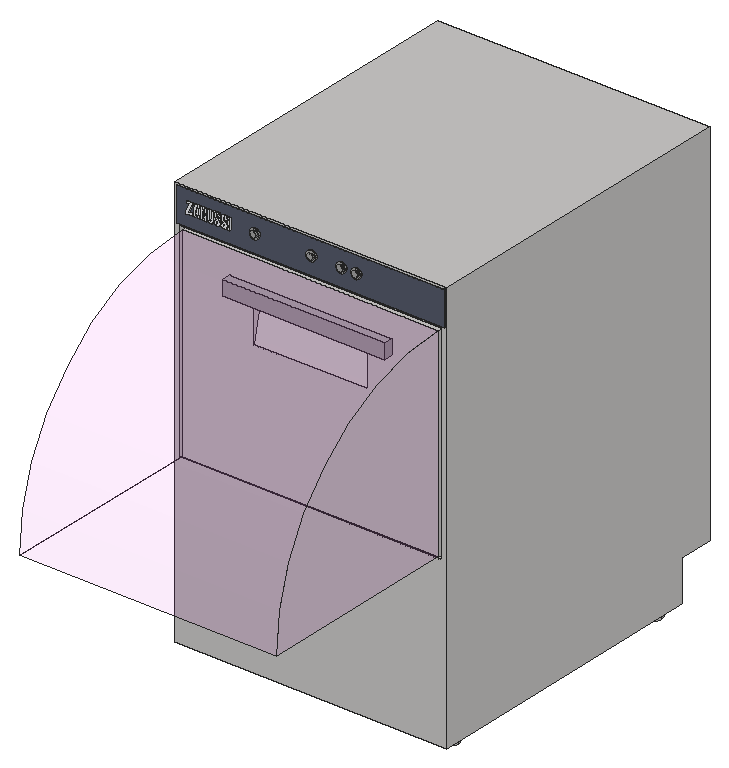
Revit family "QF_ZANUSSI_402296_ZSGU", category Attrezzature speciali, Revit 2020
Family settings
  Quota connettore circolare = Usa diametro
  Tipo di parte = Normale
  Basato su piano di lavoro = No
  Sempre verticale = Sì
  Taglio con vuoti quando caricato = No
  Condiviso = Sì
  Punto di calcolo locali = No
Parameters (values of type "Standard")
  Weight = 83.7757 lbm
  Watts = 2700 W
  Volts = 220 V
  URL Manufacturer = "http://www.zanussiprofessional.com"
  URL = "http://www.zanussiprofessional.com"
  Steam Supply Size = 0"
  Steam Supply Minimum Pressure = 0.00 psi
  Steam Supply Maximum Pressure = 0.00 psi
  Steam Consumption per Hour = 0
  Show Logo [instance] = yes
  Show Clearance [instance] = yes
  Refrigeration Suction Line Size = 0 mm
  Refrigeration Liquid Line Size = 0 mm
  Refrigerant Compressor Remote = yes
  Prospetto di default = 0 mm
  Produttore = "Zanussi"
  Phase = 1
  Modello = "ZSGU"
  Length Actual = 455 mm  # constant formula
  Item Number = "402296"
  Hot Water Size = 0"
  Height Actual = 700 mm  # constant formula
  HP = "3.6 HP"
  Gas Size = 0"
  Gas KW = 0
  Gas Input Pressure = 0.0 Btu/h
  Direct Waste Size = 1.14173"
  Descrizione = "GLASSWASHER(S) SINGLE SKIN, DRAIN PUMP, DETERGENT DISPENSER, UK PLUG, 30B/H"
  Depth Actual = 550 mm  # constant formula
  Cycle = 50 Hz
  Condensate Return Size = 0"
  Compressed Air Volume = 0 GPM
  Compressed Air Size = 0"
  Compressed Air Pressure = 0.00 psi
  Cold Water Size = 3/4"
  Accessory = yes
Reference planes
  plane 1 "BACK": y = 0
  plane 2: z = 0
  plane 3 "LEFT": x = 0
  plane 4 "RIGHT": x = 455
  plane 5 "FRONT": y = -550
  plane 6 "TOP": z = 700
  plane 7: z = 80
Forms (mm)
  Extrusion 1, solid, material "QF_Finishes_Stainless Steel"
    sketch origin (572.404, -56, 162.714) x (1, 0, 0) y (0, 0, 1)
      loop
        line (-392.404, -132.714) -> (-392.404, -152.714) -> (-372.404, -152.714) -> (-372.404, -132.714) -> (-392.404, -132.714)
    from 0 to 2
  Extrusion 2, solid, material "QF_Finishes_Stainless Steel"
    sketch origin (492.814, -53, 212.692) x (1, 0, 0) y (0, 0, 1)
      loop
        circle (-372.814, -140.692) r 8
    from 0 to 5
  Extrusion 3, solid, material "QF_Finishes_Stainless Steel"
    sketch origin (0, 0, 0) x (0, 1, 0) y (0, 0, 1)
      loop
        line (0, 700) -> (-550, 700) -> (-550, 10) -> (-58, 10) -> (-58, 80) -> (0, 80) -> (0, 700)
    from 0 to 455
  Extrusion 4, void
    sketch origin (0, 0, 0) x (0, 1, 0) y (0, 0, 1)
      loop
        line (-520, 637) -> (-550, 637) -> (-550, 290) -> (-520, 290) -> (-520, 637)
    from 7.744 to 447.027
  Extrusion 5, solid, material "QF_Finishes_Stainless Steel"
    sketch origin (0, 0, 0) x (0, 1, 0) y (0, 0, 1)
      loop
        line (-525, 632) -> (-550, 632) -> (-550, 292) -> (-525, 292) -> (-525, 632)
    from 12.721 to 442.431
  Extrusion 6, void
    sketch origin (-10.963, 0, 0) x (0, 1, 0) y (0, 0, 1)
      loop
        line (-550, 567) -> (-550, 502) -> (-535, 567) -> (-550, 567)
    from 143.538 to 333.389
  Extrusion 7, solid, material "QF_Finishes_Gray"
    sketch origin (92.495, 0, 0) x (0, 1, 0) y (0, 0, 1)
      loop
        line (-550, 567) -> (-550, 592) -> (-565, 592) -> (-565, 567) -> (-550, 567)
    from 0 to 270.01
  Extrusion 8, solid, material "QF_Finishes_Navy Blue"
    sketch origin (0, 0, 0) x (0, 1, 0) y (0, 0, 1)
      loop
        line (-550, 640) -> (-550, 697) -> (-550.8, 697) -> (-550.8, 640) -> (-550, 640)
    from 3.223 to 451.973
  Revolve 9, solid, material "QF_Finishes_Door Clearance", visible <- "Show Clearance"
    sketch origin (0, -550, 0) x (1, 0, 0) y (0, 0, 1)
      loop
        line (12.721, 632) -> (12.721, 292) -> (442.431, 292) -> (442.431, 632) -> (12.721, 632)
      axis (442.431, 292) -> (12.721, 292)
    angle from 0 to -90
  Extrusion 10, solid, material "QF_Finishes_Stainless Steel"
    sketch origin (603.814, -53, 212.692) x (1, 0, 0) y (0, 0, 1)
      loop
        circle (-372.814, -140.692) r 8
    from 0 to 5
Cuts and joins
  Extrusion 4, Extrusion 6 cuts Extrusion 3
  Extrusion 6 cuts Extrusion 5
Dimensions and locks
  plane 1 "BACK" to plane 5 "FRONT" = 550 mm
  plane 4 "RIGHT" to plane 3 "LEFT" = 455 mm
  plane 6 "TOP" to level = 700 mm
  plane 3 "LEFT" to plane 4 "RIGHT" = 455 mm
  plane 5 "FRONT" to plane 1 "BACK" = 550 mm
  plane 6 "TOP" to plane 2 = 700 mm
  plane 7 to plane 2 = 80 mm
  cut or joined group of Extrusion 3, Extrusion 4, Extrusion 6 to Revolve 9 = 890 mm
  aligned and locked: level to plane 2
Nested families
  nested 1: "Piedino 10x12.5 mm - DISHWASHING" at (435.5, -517, 0), type "Piedino 10x12.5 mm - DISHWASHING"
  nested 2: "Piedino 10x12.5 mm - DISHWASHING" at (19.5, -517, 0) x (-1, 0, 0) z (0, 0, 1), type "Piedino 10x12.5 mm - DISHWASHING"
  nested 3: "Piedino 10x12.5 mm - DISHWASHING" at (435.5, -91, 0), type "Piedino 10x12.5 mm - DISHWASHING"
  nested 4: "Piedino 10x12.5 mm - DISHWASHING" at (19.5, -91, 0) x (-1, 0, 0) z (0, 0, 1), type "Piedino 10x12.5 mm - DISHWASHING"
  nested 5: "ZANUSSI_Logo - WHITE" at (62.415, -550.8, 719) x (1, 0, 0) z (0, -1, 0), Show Logo <- "Show Logo", visible <- "Show Logo", type "ZANUSSI_Logo - WHITE"
    with Show Logo yes
  nested 6: "Bottone grigio DISHWASHING" at (135, -550.8, 670) x (1, 0, 0) z (0, -1, 0), type "Bottone grigio DISHWASHING"
  nested 7: "Bottone grigio DISHWASHING" at (230, -550.8, 670) x (1, 0, 0) z (0, -1, 0), type "Bottone grigio DISHWASHING"
  nested 8: "Bottone grigio DISHWASHING" at (280, -550.8, 670) x (1, 0, 0) z (0, -1, 0), type "Bottone grigio DISHWASHING"
  nested 9: "Bottone grigio DISHWASHING" at (305, -550.8, 670) x (1, 0, 0) z (0, -1, 0), type "Bottone grigio DISHWASHING"
Connectors
  electrical at (190, -56, 20)
    settings: on Extrusion 1, index 3, voltage 0 V, apparent load 0 VA, apparent load phase1 0 VA, apparent load phase2 0 VA, apparent load phase3 0 VA, power factor 1, load classification "Altro", number of poles 1, system type 30, power factor state 1, is connector primary yes, connector utility no, sub classification motor no, connector description "EI"
  piping at (120, -53, 72), diameter 12.7
    settings: on Extrusion 2, index 4, connector inside diameter 24", connector length 0 mm, flow factor 0, pipe flow 0 GPM, pressure drop 0.00 psi, fitting loss kfactor 0, connector angle 0.00°, fixture units 0, engagement length 0 mm, angle of deflection 0.00°, flow configuration 0, flow direction 0, fitting loss method 0, system type 29, joint type 0, gender type 0, connector reference index -1, connector utility 0, adjustable connector no, is connector primary yes, connector description "WI"
  piping at (231, -53, 72), diameter 12.7
    settings: on Extrusion 10, index 5, connector inside diameter 24", connector length 0 mm, flow factor 0, pipe flow 0 GPM, pressure drop 0.00 psi, fitting loss kfactor 0, connector angle 0.00°, fixture units 0, engagement length 0 mm, angle of deflection 0.00°, flow configuration 0, flow direction 0, fitting loss method 0, system type 29, joint type 0, gender type 0, connector reference index -1, connector utility 0, adjustable connector no, is connector primary no, connector description "D"
Definition of nested family "Piedino 10x12.5 mm - DISHWASHING"
  Parameters (values of type "Piedino 10x12.5 mm - DISHWASHING")
    Default Elevation = 0 mm
    P = 930 mm
    L = 400 mm
    H = 290 mm
  Reference planes
    plane 1: y = 0
    plane 2: z = 0
    plane 3: x = 0
    plane 4: z = 290
    plane 5: z = 24
    plane 6: z = 55
  Forms (mm)
    Extrusion 1, solid
      sketch origin (-373.847, 979.72, 0) x (1, 0, 0) y (0, 1, 0)
        loop
          circle (373.847, -979.72) r 12.5
      from 0 to 10
  Dimensions and locks
    "H": plane 4 to level
    plane 4 to plane 5 to level = 266 mm, 24 mm
    level to plane 6 = 55 mm
    aligned and locked: level to plane 2
  Automatic sketch dimensions
    plane 3 to Extrusion 1 sketch curve = 0 mm
    plane 1 to Extrusion 1 sketch curve = 0 mm
    radius of Extrusion 1 sketch curve = 12.5 mm
Definition of nested family "ZANUSSI_Logo - WHITE"
  Parameters (values of type "ZANUSSI_Logo - WHITE")
    Show Logo [instance] = yes
    Default Elevation = 1219.2 mm
  Reference planes
    plane 1 "Center (Front/Back)": y = -49
    plane 2: z = 0
    plane 3 "Center (Left/Right)": x = -9.92
  Forms (mm)
    Extrusion 1, solid
      sketch origin (0, 0, 0) x (1, 0, 0) y (0, 1, 0)
        loop
          line (-1219.2, 1219.2) -> (-1219.2, -1219.2) -> (1219.2, -1219.2) -> (1219.2, 1219.2) -> (-1219.2, 1219.2)
      from 0 to -304.8
    Extrusion 2, solid, visible <- "Show Logo"
      sketch origin (106.353, -215.165, -50) x (1, 0, 0) y (0, 1, 0)
        loop
          line (-137.419, 156.48) -> (-137.419, 160.444) -> (-143.365, 160.444) -> (-137.419, 172.566) -> (-137.419, 175.851) -> (-147.274, 175.851) -> (-147.274, 172.226) -> (-142.063, 172.339) -> (-147.728, 160.444) -> (-147.728, 156.48) -> (-137.419, 156.48)
        loop
          line (-131.729, 163.73) -> (-129.463, 163.73) -> (-130.596, 172.54) -> (-131.729, 163.73)
        loop
          line (-132.748, 156.48) -> (-132.182, 160.218) -> (-128.897, 160.218) -> (-128.33, 156.48) -> (-124.252, 156.48) -> (-127.877, 175.851) -> (-133.315, 175.851) -> (-136.826, 156.48) -> (-132.748, 156.48)
        loop
          line (-123.75, 175.851) -> (-123.75, 156.48) -> (-120.238, 156.48) -> (-120.238, 169.281) -> (-116.953, 156.48) -> (-112.648, 156.48) -> (-112.648, 175.851) -> (-116.273, 175.851) -> (-116.273, 163.503) -> (-119.558, 175.851) -> (-123.75, 175.851)
        loop
          arc (-111.742, 161.27) -> (-106.896, 156.448) -> (-101.433, 160.558) r 5.22
          line (-101.433, 160.558) -> (-101.433, 175.851) -> (-105.398, 175.851) -> (-105.398, 161.464)
          arc (-105.398, 161.464) -> (-106.44, 160.263) -> (-107.777, 161.124) r 1.214
          line (-107.777, 161.124) -> (-107.777, 175.851) -> (-111.742, 175.851) -> (-111.742, 161.27)
        loop
          line (-94.069, 169.734) -> (-90.331, 169.734) -> (-90.269, 171.495)
          arc (-90.269, 171.495) -> (-90.53, 173.458) -> (-91.761, 175.009) r 3.719
          arc (-91.761, 175.009) -> (-95.38, 176.189) -> (-98.998, 175.009) r 6.139
          arc (-98.998, 175.009) -> (-100.474, 172.145) -> (-100.291, 168.927) r 6.125
          arc (-100.291, 168.927) -> (-99.079, 167.149) -> (-97.591, 165.594) r 13.068
          line (-97.591, 165.594) -> (-95.921, 164.113)
          arc (-95.921, 164.113) -> (-94.934, 163.275) -> (-94.167, 162.233) r 5.571
          arc (-94.167, 162.233) -> (-94.357, 160.41) -> (-96.143, 160.003) r 1.573
          arc (-96.143, 160.003) -> (-96.681, 160.547) -> (-96.911, 161.277) r 1.631
          arc (-96.911, 161.277) -> (-96.929, 161.791) -> (-96.911, 162.305) r 7.441
          arc (-96.911, 162.305) -> (-96.895, 162.791) -> (-96.911, 163.277) r 7.03
          line (-96.911, 163.277) -> (-100.866, 163.277)
          arc (-100.866, 163.277) -> (-100.828, 160.504) -> (-99.735, 157.955) r 7.131
          arc (-99.735, 157.955) -> (-94.571, 156.484) -> (-90.221, 159.633) r 6.148
          arc (-90.221, 159.633) -> (-90.141, 162.884) -> (-91.536, 165.823) r 7.021
          line (-91.536, 165.823) -> (-95.882, 169.734)
          arc (-95.882, 169.734) -> (-96.47, 170.472) -> (-96.785, 171.362) r 2.858
          arc (-96.785, 171.362) -> (-95.666, 172.959) -> (-94.069, 171.84) r 1.379
          line (-94.069, 171.84) -> (-94.069, 169.734)
        loop
          line (-82.771, 169.734) -> (-79.033, 169.734) -> (-78.971, 171.495)
          arc (-78.971, 171.495) -> (-79.232, 173.458) -> (-80.463, 175.009) r 3.719
          arc (-80.463, 175.009) -> (-84.081, 176.189) -> (-87.7, 175.009) r 6.139
          arc (-87.7, 175.009) -> (-89.175, 172.145) -> (-88.993, 168.927) r 6.125
          arc (-88.993, 168.927) -> (-87.781, 167.149) -> (-86.293, 165.594) r 13.068
          line (-86.293, 165.594) -> (-84.623, 164.113)
          arc (-84.623, 164.113) -> (-83.636, 163.275) -> (-82.869, 162.233) r 5.571
          arc (-82.869, 162.233) -> (-83.059, 160.41) -> (-84.845, 160.003) r 1.573
          arc (-84.845, 160.003) -> (-85.383, 160.547) -> (-85.613, 161.277) r 1.631
          arc (-85.613, 161.277) -> (-85.631, 161.791) -> (-85.613, 162.305) r 7.441
          arc (-85.613, 162.305) -> (-85.596, 162.791) -> (-85.613, 163.277) r 7.03
          line (-85.613, 163.277) -> (-89.568, 163.277)
          arc (-89.568, 163.277) -> (-89.53, 160.504) -> (-88.437, 157.955) r 7.131
          arc (-88.437, 157.955) -> (-83.272, 156.484) -> (-78.922, 159.633) r 6.148
          arc (-78.922, 159.633) -> (-78.843, 162.884) -> (-80.238, 165.823) r 7.021
          line (-80.238, 165.823) -> (-84.584, 169.734)
          arc (-84.584, 169.734) -> (-85.171, 170.472) -> (-85.486, 171.362) r 2.858
          arc (-85.486, 171.362) -> (-84.368, 172.959) -> (-82.771, 171.84) r 1.379
          line (-82.771, 171.84) -> (-82.771, 169.734)
        loop
          line (-78.21, 175.851) -> (-78.21, 156.48) -> (-74.245, 156.48) -> (-74.245, 175.851) -> (-78.21, 175.851)
      from 50 to 51.6
  Dimensions and locks
    aligned and locked: plane 2 to Extrusion 1
    aligned and locked: level to Extrusion 1
Definition of nested family "Bottone grigio DISHWASHING"
  Parameters (values of type "Bottone grigio DISHWASHING")
    Default Elevation = 1219.2 mm
  Reference planes
    plane 1 "Centro (Fronte/Retro)": y = 0
    plane 2: z = 0
    plane 3 "Centro (Sinistra/Destra)": x = 0
  Forms (mm)
    Extrusion 1, solid
      sketch origin (0, 0, 0) x (1, 0, 0) y (0, 1, 0)
        loop
          line (-1219.2, 1219.2) -> (-1219.2, -1219.2) -> (1219.2, -1219.2) -> (1219.2, 1219.2) -> (-1219.2, 1219.2)
      from 0 to -304.8
    Extrusion 2, solid
      sketch origin (0, 0, 0) x (1, 0, 0) y (0, 1, 0)
        loop
          circle (0, 0) r 8
        loop
          circle (0, 0) r 5
      from 0 to 2
    Extrusion 3, solid
      sketch origin (0, 0, 0) x (1, 0, 0) y (0, 1, 0)
        loop
          circle (0, 0) r 4.9
      from 0 to 4
  Dimensions and locks
    aligned and locked: plane 2 to Extrusion 1
    aligned and locked: level to Extrusion 1
